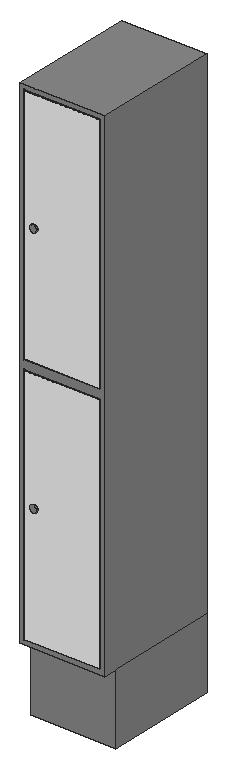
Revit family
Parameters
  Width = 300 mm
  Vis Ironmongery = yes
  Plinth Setback = 50 mm
  Plinth Height = 250 mm
  Material Plinth = Paint - Grey
  Material Locker = Paint - Grey
  Material Door = Paint - White
  Locker Height = 1775 mm
  Depth = 450 mm
Reference planes
  plane 1 "Center (Front/Back)": y = 150
  plane 2: z = 0
  plane 3 "Center (Left/Right)": x = -154.179
  plane 4: y = 600
  plane 5: x = -304.179
  plane 6: x = -4.179
  plane 7: z = 250
  plane 8: z = 2025
  plane 9: z = 2010
  plane 10: z = 265
  plane 11: x = -289.179
  plane 12: x = -19.179
  plane 13: z = 1152.5
  plane 14: z = 1137.5
  plane 15: z = 1122.5
  plane 16: x = -44.179
  plane 17: x = -94.179
Forms (mm)
  Extrusion 1, solid, material "Paint - Grey" <- "Material Plinth"
    sketch origin (0, 0, 0) x (1, 0, 0) y (0, 1, 0)
      loop
        line (-304.179, 600) -> (-304.179, 200) -> (-4.179, 200) -> (-4.179, 600) -> (-304.179, 600)
    from 0 to 250
  Extrusion 2, solid, material "Paint - Grey" <- "Material Locker"
    sketch origin (-154.179, 0, 0) x (0, 1, 0) y (0, 0, 1)
      loop
        line (150, 2025) -> (150, 250) -> (600, 250) -> (600, 2025) -> (150, 2025)
    from -150 to 150
  Extrusion 3, void
    sketch origin (-4.179, 150, 2025) x (1, 0, 0) y (0, 0, -1)
      loop
        line (-285, 1760) -> (-285, 902.5) -> (-15, 902.5) -> (-15, 1760) -> (-285, 1760)
      loop
        line (-285, 872.5) -> (-285, 15) -> (-15, 15) -> (-15, 872.5) -> (-285, 872.5)
    from 0 to 435
  Extrusion 4, solid, material "Paint - White" <- "Material Door"
    sketch origin (-4.179, 150, 2025) x (-1, 0, 0) y (0, 0, -1)
      loop
        line (282, 18) -> (282, 869.5) -> (18, 869.5) -> (18, 18) -> (282, 18)
      loop
        line (282, 905.5) -> (282, 1757) -> (18, 1757) -> (18, 905.5) -> (282, 905.5)
    from -15 to 0
  Extrusion 5, solid, material "Paint - Grey", visible <- "Vis Ironmongery"
    sketch origin (0, 150, 0) x (1, 0, 0) y (0, 0, 1)
      loop
        circle (-254.555, 1581.25) r 12.5
      loop
        circle (-254.555, 693.75) r 12.5
    from 0 to 3
Cuts and joins
  Extrusion 3 cuts Extrusion 1
  Extrusion 3 cuts Extrusion 2
Lines and regions (mm)
  model lines, style "InvisibleLines"
    curve 1: line (-154.179, 150, 2025) -> (-154.179, 600, 2025)
Dimensions and locks
  equal spacing: plane 5, plane 3 "Center (Left/Right)", plane 6
  "Width": plane 5 to plane 6
  "Depth": plane 1 "Center (Front/Back)" to plane 4
  "Locker Height": plane 8 to plane 7
  "Plinth Height": plane 7 to level
  locked: plane 8 to plane 9 at 15
  locked: plane 10 to plane 7 at 15
  locked: plane 5 to plane 11 at 15
  locked: plane 12 to plane 6 at 15
  equal spacing: plane 8, plane 14, plane 7
  equal spacing: plane 13, plane 14, plane 15, locked at 15 each
  locked: plane 11 to Extrusion 5 sketch curve at 34.624
  equal spacing: plane 8, Extrusion 5 sketch curve, plane 14
  plane 11 to Extrusion 5 sketch curve = 34.624 mm
  equal spacing: plane 14, Extrusion 5 sketch curve, plane 7
  locked: Extrusion 5 to plane 1 "Center (Front/Back)" at 3
  "Plinth Setback": plane 1 "Center (Front/Back)" to cut or joined group of Extrusion 1, Extrusion 3
  locked: plane 13 to plane 15 at 30
  aligned and locked: Extrusion 1 to plane 7
  aligned and locked: Extrusion 1 to level
  aligned and locked: Extrusion 2 sketch curve to curve 1
  aligned and locked: plane 5 to Extrusion 2
  aligned and locked: Extrusion 2 to plane 6
  aligned and locked: plane 13 to Extrusion 3 sketch curve
Automatic sketch dimensions
  Extrusion 1 sketch curve to plane 1 "Center (Front/Back)" = 50 mm
  Extrusion 1 sketch curve to plane 5 = 0 mm
  Extrusion 1 sketch curve to plane 6 = 0 mm
  Extrusion 1 sketch curve to plane 4 = 0 mm
  curve 1 to plane 1 "Center (Front/Back)" = 0 mm
  curve 1 to plane 4 = 0 mm
  curve 1 to plane 8 = 0 mm
  Extrusion 2 sketch curve to plane 1 "Center (Front/Back)" = 0 mm
  Extrusion 2 sketch curve to plane 4 = 0 mm
  Extrusion 2 sketch curve to plane 7 = 0 mm
  Extrusion 3 sketch curve to plane 10 = 0 mm
  Extrusion 3 sketch curve to plane 11 = 0 mm  (x2)
  Extrusion 3 sketch curve to plane 12 = 0 mm  (x2)
  Extrusion 3 sketch curve to plane 9 = 0 mm
  Extrusion 3 sketch curve to plane 15 = 0 mm
  Extrusion 4 sketch curve to plane 12 = 3 mm  (x2)
  Extrusion 4 sketch curve to plane 11 = 3 mm  (x2)
  plane 9 to Extrusion 4 sketch curve = 3 mm
  plane 15 to Extrusion 4 sketch curve = 3 mm
  Extrusion 4 sketch curve to plane 10 = 3 mm
  Extrusion 4 sketch curve to Extrusion 4 sketch curve = 36 mm
  radius of Extrusion 5 sketch curve = 12.5 mm  (x2)
